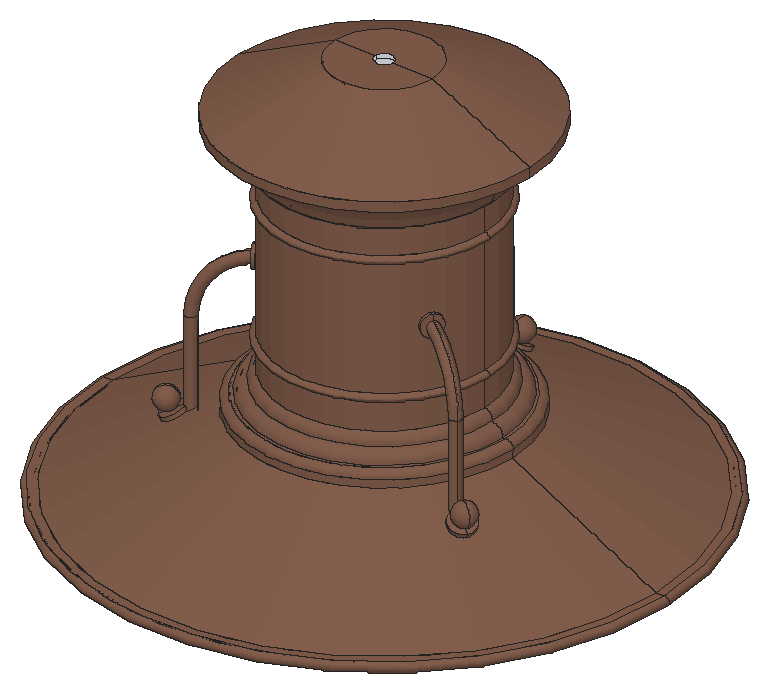
Revit family "MCA16 SHADE", category Lighting Fixtures, Revit 2024
Family settings
  Round Connector Dimension = Use Diameter
  Part Type = Normal
  OmniClass Number = 23.80.70.00
  OmniClass Title = Lighting
  Work Plane-Based = No
  Always vertical = Yes
  Cut with Voids When Loaded = No
  Light Source = Yes
  Maintain Annotation Orientation = No
  Shared = No
  Room Calculation Point = No
Parameters
  Wattage = 12.1178 W
  built-in parameter 1150110 = 1 (stored number, unit not read)
  built-in parameter 1114217 = 1 (stored number, unit not read)
  built-in parameter 1150109 = 1 (stored number, unit not read)
  built-in parameter 1150134 = (empty or 0)
  built-in parameter 1150113 = 1 (stored number, unit not read)
  Lumens = 1800 lm
  built-in parameter 1150115 = 1 (stored number, unit not read)
  built-in parameter 1150105 = 572.96 (stored number, unit not read)
  Light Source Symbol Size = 2' - 0"
  built-in parameter 1150137 = (empty or 0)
  built-in parameter 1150139 = (empty or 0)
  built-in parameter 1150112 = 1 (stored number, unit not read)
  built-in parameter 1150114 = 1 (stored number, unit not read)
  built-in parameter 1150132 = 2
  built-in parameter 1150102 = (empty or 0)
  built-in parameter 1150138 = (empty or 0)
  built-in parameter 1150107 = 3000 (stored number, unit not read)
  built-in parameter 1150106 = 5.7296 (stored number, unit not read)
  built-in parameter 1150104 = 13.8 (stored number, unit not read)
  Dimming Lamp Color Temperature Shift = (empty or 0)
  Default Elevation = 0' - 0"
  Color Filter = 16777215
  built-in parameter 1114218 = 1 (stored number, unit not read)
  built-in parameter 1150133 = 10 (stored number, unit not read)
Reference planes (in)
  plane 1 "Light Source Axis (F/B)": y = 0
  plane 2: z = 0
  plane 3 "Light Source Axis (L/R)": x = 0
  plane 4 "Light Source Elevation": z = 84
Forms (in)
  Revolve 1, solid
    sketch origin (0, 0, 0) x (1, 0, 0) y (0, 0, 1)
      loop
        line (-7.75, 84.125) -> (-7.58307, 84.16615) -> (-3.53125, 86.19202) -> (-3.53125, 86.44996)
        arc (-3.53125, 86.44996) -> (-3.50013, 86.52509) -> (-3.425, 86.55621) r 0.10625
        line (-3.425, 86.55621) -> (-3.20871, 86.55621)
        arc (-3.20871, 86.55621) -> (-3.20089, 86.75767) -> (-3.025, 86.85621) r 0.20625
        line (-3.025, 86.85621) -> (-2.93115, 86.95007)
        arc (-2.93115, 86.95007) -> (-2.87699, 87.09463) -> (-2.73363, 87.15189) r 0.19092
        line (-2.73363, 87.15189) -> (-2.73363, 87.96715) -> (-2.73363, 91.41311) -> (-2.73363, 92.49224) -> (-2.79841, 92.49224)
        arc (-2.79841, 92.49224) -> (-2.86377, 92.47668) -> (-2.92608, 92.50182) r 0.11064
        arc (-2.92608, 92.50182) -> (-3.32587, 93.14724) -> (-3.98544, 93.52321) r 1.53995
        line (-3.98544, 93.52321) -> (-3.98544, 93.64105) -> (-1.35364, 94.90625) -> (-0.25, 94.90625) -> (-0.25, 95) -> (-1.375, 95) -> (-4.07919, 93.7) -> (-4.07919, 93.45)
        arc (-4.07919, 93.45) -> (-3.40842, 93.09632) -> (-3.00882, 92.45186) r 1.4462
        arc (-3.00882, 92.45186) -> (-2.92656, 92.39538) -> (-2.82738, 92.38457) r 0.20439
        line (-2.82738, 92.38457) -> (-2.82738, 91.64962)
        spline (-2.82738, 91.64962) -> (-2.86775, 91.63099) -> (-2.90078, 91.61249) -> (-2.92647, 91.59412) -> (-2.94482, 91.57587) -> (-2.95583, 91.55776) -> (-2.9595, 91.53978) -> (-2.95583, 91.52192) -> (-2.94482, 91.50419) -> (-2.92647, 91.48659) -> (-2.90078, 91.46912) -> (-2.86775, 91.45178) -> (-2.82738, 91.43457)
        line (-2.82738, 91.43457) -> (-2.82738, 88.1822)
        spline (-2.82738, 88.1822) -> (-2.86775, 88.16357) -> (-2.90078, 88.14507) -> (-2.92647, 88.1267) -> (-2.94482, 88.10846) -> (-2.95583, 88.09034) -> (-2.9595, 88.07236) -> (-2.95583, 88.0545) -> (-2.94482, 88.03677) -> (-2.92647, 88.01917) -> (-2.90078, 88.0017) -> (-2.86775, 87.98436) -> (-2.82738, 87.96715)
        line (-2.82738, 87.96715) -> (-2.82738, 87.2322)
        arc (-2.82738, 87.2322) -> (-2.97373, 87.12437) -> (-3.025, 86.94996) r 0.28467
        arc (-3.025, 86.94996) -> (-3.23713, 86.8621) -> (-3.325, 86.64996) r 0.3
        line (-3.325, 86.64996) -> (-3.425, 86.64996)
        arc (-3.425, 86.64996) -> (-3.56642, 86.59139) -> (-3.625, 86.44996) r 0.2
        line (-3.625, 86.44996) -> (-3.625, 86.24996) -> (-7.625, 84.25) -> (-7.875, 84.25)
        arc (-7.875, 84.25) -> (-7.96339, 84.03661) -> (-7.75, 84.125) r 0.125
      axis (0, 95) -> (0, 84.125)
    angle from 0 to 360
  Revolve 2, solid, not visible
    sketch origin (0, 0, 0) x (1, 0, 0) y (0, 0, 1)
      loop
        line (-2.99192, 88.09279) -> (-2.89556, 88.09279) -> (-2.89556, 88.38477) -> (-2.99192, 88.38477) -> (-2.99192, 88.09279)
      axis (-2.89556, 88.09279) -> (-2.99192, 88.09279)
    angle from 0 to 360
  Sweep 3, solid, not visible
    path origin (0, 0, 0) x (1, 0, 0) y (0, 0, 1)
      loop
        arc (-2.97158, 88.08519) -> (-3.96217, 87.55604) -> (-4.35786, 86.505) r 1.59375
        line (-4.35786, 86.505) -> (-4.35786, 85.3018)
    profile origin (-3.96217, 0, 87.55604) x (0.751723, 0, -0.659479) y (0, -1, 0)
      loop
        circle (0, 0) r 0.15625
  Revolve 4, solid, not visible
    sketch origin (0, 0, 0) x (1, 0, 0) y (0, 0, 1)
      loop
        line (-4.84702, 85.01395) -> (-4.61007, 85.21882) -> (-4.67548, 85.29447) -> (-5.07238, 85.7535)
        arc (-5.07238, 85.7535) -> (-5.11657, 85.32649) -> (-4.68956, 85.2823) r 0.30356
        line (-4.68956, 85.2823) -> (-4.91791, 85.08485) -> (-4.84702, 85.01395)
      axis (-4.61007, 85.21882) -> (-5.07238, 85.7535)
    angle from 0 to 360
  Revolve 5, solid
    sketch origin (0, -0.06637, 1.7257) x (0, -1, 0) y (0, 0, 1)
      loop
        line (-2.99192, 88.09279) -> (-2.89556, 88.09279) -> (-2.89556, 88.38477) -> (-2.99192, 88.38477) -> (-2.99192, 88.09279)
      axis (-2.89556, 88.09279) -> (-2.99192, 88.09279)
    angle from 0 to 360
  Sweep 6, solid
    path origin (0, -0.06637, 1.7257) x (0, -1, 0) y (0, 0, 1)
      loop
        arc (-2.97158, 88.08519) -> (-3.96217, 87.55604) -> (-4.35786, 86.505) r 1.59375
        line (-4.35786, 86.505) -> (-4.35786, 84.005)
    profile origin (0, 3.8958, 89.28174) x (0, -0.751723, -0.659479) y (-1, 0, 0)
      loop
        circle (0, 0) r 0.15625
  Revolve 7, solid
    sketch origin (0, 0, 0) x (0, -1, 0) y (0, 0, 1)
      loop
        line (-4.66401, 85.73047) -> (-4.98186, 86.35429)
        arc (-4.98186, 86.35429) -> (-5.12976, 85.97297) -> (-4.76555, 85.78687) r 0.30522
        line (-4.76555, 85.78687) -> (-5.01862, 85.65792) -> (-4.97488, 85.57207) -> (-4.66401, 85.73047)
      axis (-4.66401, 85.73047) -> (-4.98186, 86.35429)
    angle from 0 to 360
  Revolve 8, solid
    sketch origin (-0.05748, 0.03319, 1.7257) x (-0.866025, 0.5, 0) y (0, 0, 1)
      loop
        line (-2.99192, 88.09279) -> (-2.89556, 88.09279) -> (-2.89556, 88.38477) -> (-2.99192, 88.38477) -> (-2.99192, 88.09279)
      axis (-2.89556, 88.09279) -> (-2.99192, 88.09279)
    angle from 0 to 360
  Sweep 9, solid
    path origin (-0.05748, 0.03319, 1.7257) x (-0.866025, 0.5, 0) y (0, 0, 1)
      loop
        arc (-2.97158, 88.08519) -> (-3.96217, 87.55604) -> (-4.35786, 86.505) r 1.59375
        line (-4.35786, 86.505) -> (-4.35786, 84.005)
    profile origin (3.37386, -1.9479, 89.28174) x (-0.651011, 0.375862, -0.659479) y (0.5, 0.866025, 0)
      loop
        circle (0, 0) r 0.15625
  Revolve 10, solid
    sketch origin (0, 0, 0) x (-0.866025, 0.5, 0) y (0, 0, 1)
      loop
        line (-4.66401, 85.73047) -> (-4.98186, 86.35429)
        arc (-4.98186, 86.35429) -> (-5.12976, 85.97297) -> (-4.76555, 85.78687) r 0.30522
        line (-4.76555, 85.78687) -> (-5.01862, 85.65792) -> (-4.97488, 85.57207) -> (-4.66401, 85.73047)
      axis (-4.66401, 85.73047) -> (-4.98186, 86.35429)
    angle from 0 to 360
  Revolve 11, solid
    sketch origin (0.05748, 0.03319, 1.7257) x (0.866025, 0.5, 0) y (0, 0, 1)
      loop
        line (-2.99192, 88.09279) -> (-2.89556, 88.09279) -> (-2.89556, 88.38477) -> (-2.99192, 88.38477) -> (-2.99192, 88.09279)
      axis (-2.89556, 88.09279) -> (-2.99192, 88.09279)
    angle from 0 to 360
  Sweep 12, solid
    path origin (0.05748, 0.03319, 1.7257) x (0.866025, 0.5, 0) y (0, 0, 1)
      loop
        arc (-2.97158, 88.08519) -> (-3.96217, 87.55604) -> (-4.35786, 86.505) r 1.59375
        line (-4.35786, 86.505) -> (-4.35786, 84.005)
    profile origin (-3.37386, -1.9479, 89.28174) x (0.651011, 0.375862, -0.659479) y (0.5, -0.866025, 0)
      loop
        circle (0, 0) r 0.15625
  Revolve 13, solid
    sketch origin (0, 0, 0) x (0.866025, 0.5, 0) y (0, 0, 1)
      loop
        line (-4.66401, 85.73047) -> (-4.98186, 86.35429)
        arc (-4.98186, 86.35429) -> (-5.12976, 85.97297) -> (-4.76555, 85.78687) r 0.30522
        line (-4.76555, 85.78687) -> (-5.01862, 85.65792) -> (-4.97488, 85.57207) -> (-4.66401, 85.73047)
      axis (-4.66401, 85.73047) -> (-4.98186, 86.35429)
    angle from 0 to 360
Dimensions and locks (in)
  aligned and locked: plane 3 "Light Source Axis (L/R)" to imposter light
  aligned and locked: plane 1 "Light Source Axis (F/B)" to imposter light
  aligned and locked: plane 4 "Light Source Elevation" to imposter light
  aligned and locked: level to plane 2
